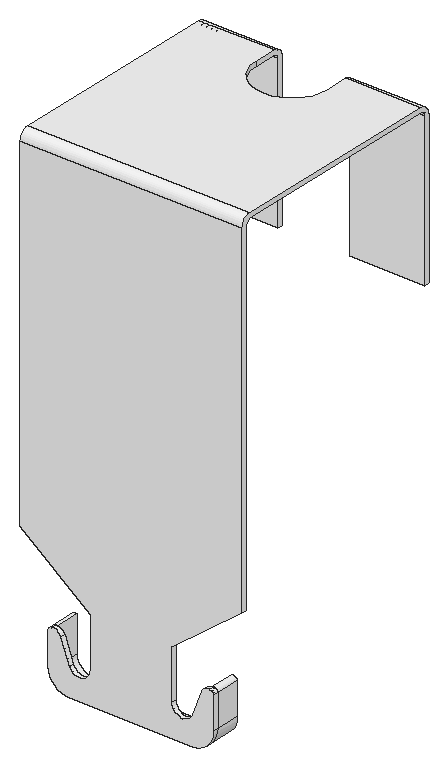
Revit family "sclip_60", category 機械設備, Revit 2022
Family settings
  丸型コネクタ寸法 = 直径を使用
  種別 = なし
  パーツ タイプ = 標準
  作業面ベース = いいえ
  常に垂直 = はい
  ロード時にボイドで切り取り = いいえ
  注釈の向きを維持 = いいえ
  共有 = いいえ
  部屋計算ポイント = いいえ
Parameters
  製造元 = "株式会社桐井製作所"
  既定の高さ = 0 mm
  URL = "https://www.kirii.co.jp/"
  K_品名 = "特殊60mmSクリップ"
  K_名称 = "特殊クリップ"
  K_入数 = "500"
  K_バージョン情報 = "20211012"
Reference planes
  plane 1 "中心(正面/背面)": y = 0
  plane 2: z = 0
  plane 3 "中心(左/右)": x = 0
Forms (mm)
  Extrusion 1, solid
    sketch origin (0, 30, 0) x (0, 1, 0) y (0, 0, 1)
      loop
        line (-30, 0) -> (-29.4, -0.6) -> (-29.4, 66.75)
        arc (-29.4, 66.75) -> (-29.034, 67.634) -> (-28.15, 68) r 1.25
        line (-28.15, 68) -> (1.25, 68)
        arc (1.25, 68) -> (1.71, 67.81) -> (1.9, 67.35) r 0.65
        line (1.9, 67.35) -> (1.9, 45.5) -> (2.5, 46.1) -> (2.5, 67.35)
        arc (2.5, 67.35) -> (2.134, 68.234) -> (1.25, 68.6) r 1.25
        line (1.25, 68.6) -> (-28.75, 68.6)
        arc (-28.75, 68.6) -> (-29.634, 68.234) -> (-30, 67.35) r 1.25
        line (-30, 67.35) -> (-30, 0)
    from -15.5 to 15.5
  Extrusion 2, void
    sketch origin (0, -0.6, -0.8) x (0, 1, 0) y (0, 0, 1)
      loop
        line (0.387, 0.8) -> (0.387, -0.064) -> (1.428, -0.064) -> (1.428, 0.8) -> (0.387, 0.8)
    from -15.5 to 15.5
  Extrusion 3, void
    sketch origin (0, 0, 0) x (1, 0, 0) y (0, 0, 1)
      loop
        line (-15.5, 19.1) -> (-15.5, 0) -> (-8.6, 0)
        arc (-8.6, 0) -> (-10.721, 0.879) -> (-11.6, 3) r 3
        line (-11.6, 3) -> (-11.6, 7.5)
        arc (-11.6, 7.5) -> (-11.399, 7.841) -> (-11.035, 7.996) r 0.631
        arc (-11.035, 7.996) -> (-10.291, 7.813) -> (-9.81, 7.217) r 1.2
        line (-9.81, 7.217) -> (-8.602, 3.967)
        arc (-8.602, 3.967) -> (-6.929, 3.025) -> (-5.7, 4.5) r 1.5
        line (-5.7, 4.5) -> (-5.7, 11.5) -> (-15.5, 19.1)
      loop
        line (15.5, 19.1) -> (5.7, 11.5) -> (5.7, 4.5)
        arc (5.7, 4.5) -> (6.929, 3.025) -> (8.602, 3.967) r 1.5
        line (8.602, 3.967) -> (9.81, 7.217)
        arc (9.81, 7.217) -> (10.291, 7.813) -> (11.035, 7.996) r 1.2
        arc (11.035, 7.996) -> (11.399, 7.841) -> (11.6, 7.5) r 0.631
        line (11.6, 7.5) -> (11.6, 3)
        arc (11.6, 3) -> (10.721, 0.879) -> (8.6, 0) r 3
        line (8.6, 0) -> (15.5, 0) -> (15.5, 19.1)
    from -0.6 to 0
  Extrusion 4, void
    sketch origin (0, 19.721, 34.972) x (1, 0, 0) y (0, 1, 0)
      loop
        line (-5, 12.779) -> (-5, 8.279)
        arc (-5, 8.279) -> (0, 3.279) -> (5, 8.279) r 5
        line (5, 8.279) -> (5, 12.779) -> (-5, 12.779)
    from 10.251 to 33.628
  Extrusion 5, void
    sketch origin (0, 15.621, 21.326) x (0, 1, 0) y (0, 0, 1)
      loop
        line (15.756, 24.774) -> (15.756, 23.898) -> (16.879, 23.898) -> (16.879, 24.774) -> (15.756, 24.774)
    from -15.5 to 15.5
  Extrusion 6, solid
    sketch origin (0, 0, 0) x (1, 0, 0) y (0, 0, 1)
      loop
        arc (11.6, 7.5) -> (11.303, 7.911) -> (10.8, 7.971) r 0.631
        line (10.8, 7.971) -> (10.8, 3)
        arc (10.8, 3) -> (10.156, 1.444) -> (8.6, 0.8) r 2.2
        line (8.6, 0.8) -> (-8.6, 0.8)
        arc (-8.6, 0.8) -> (-10.156, 1.444) -> (-10.8, 3) r 2.2
        line (-10.8, 3) -> (-10.8, 7.971)
        arc (-10.8, 7.971) -> (-11.303, 7.911) -> (-11.6, 7.5) r 0.631
        line (-11.6, 7.5) -> (-11.6, 3)
        arc (-11.6, 3) -> (-10.721, 0.879) -> (-8.6, 0) r 3
        line (-8.6, 0) -> (8.6, 0)
        arc (8.6, 0) -> (10.721, 0.879) -> (11.6, 3) r 3
        line (11.6, 3) -> (11.6, 7.5)
    from -4 to -0.6
Cuts and joins
  Extrusion 2, Extrusion 3, Extrusion 4, Extrusion 5 cuts Extrusion 1
Dimensions and locks
  aligned and locked: level to plane 2
